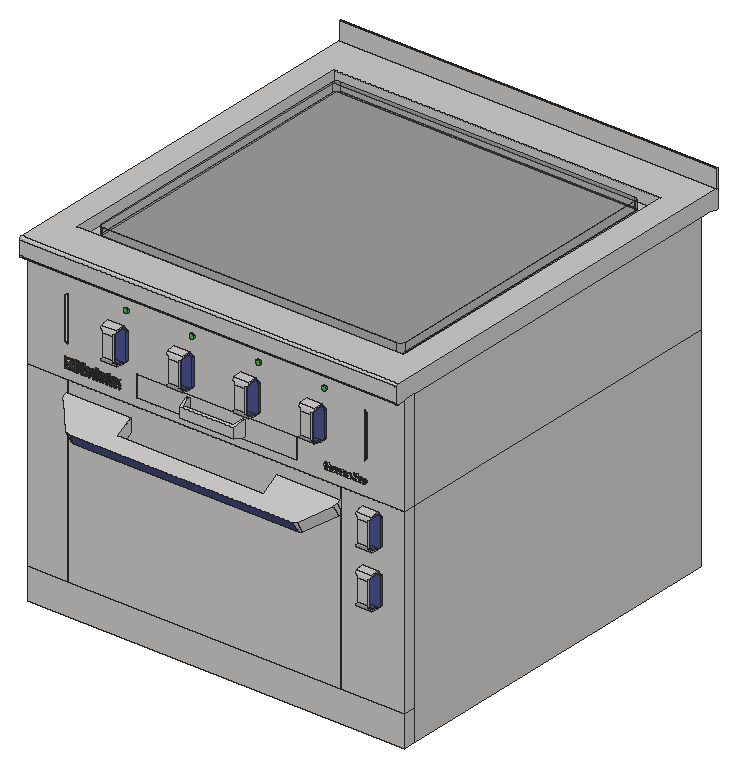
Revit family "QF_ELECTROLUXPROFESSIONAL_588696_MBTGGBH8AO", category Specialty Equipment, Revit 2023 (continued)
Definition of nested family "Front_Panel_W800_Four Knobs_Spie"
  Definition of nested family "ELX_Professional_Logo_Small"
    Forms (mm)
      Extrusion 2, solid, material <- "Material_Logo"
        sketch origin (15.5, 0, 0) x (1, 0, 0) y (0, 1, 0)
          loop
            spline (9.958, -1.631) -> (10.403, -1.602) -> (10.828, -1.517) -> (11.228, -1.38) -> (11.601, -1.193) -> (11.943, -0.962) -> (12.251, -0.689) -> (12.52, -0.377) -> (12.748, -0.031) -> (12.932, 0.347) -> (13.067, 0.753) -> (13.151, 1.182) -> (13.18, 1.633)
          loop
            line (17.162, 4.269) -> (17.162, -3.573) -> (19.642, -3.573) -> (19.642, 10.824) -> (17.162, 10.824) -> (17.162, 4.269)
          loop
            line (28.581, 6.838) -> (28.581, 0.786)
            spline (28.581, 0.786) -> (28.561, 0.393) -> (28.503, 0.038) -> (28.409, -0.279) -> (28.281, -0.559) -> (28.122, -0.802) -> (27.933, -1.011) -> (27.717, -1.185) -> (27.476, -1.325) -> (27.213, -1.433) -> (26.929, -1.509) -> (26.626, -1.554) -> (26.308, -1.569)
            spline (26.308, -1.569) -> (25.99, -1.554) -> (25.688, -1.509) -> (25.404, -1.434) -> (25.141, -1.326) -> (24.9, -1.187) -> (24.684, -1.014) -> (24.496, -0.807) -> (24.336, -0.565) -> (24.209, -0.288) -> (24.115, 0.026) -> (24.057, 0.376) -> (24.037, 0.765)
            line (24.037, 0.765) -> (24.037, 6.838) -> (21.537, 6.838) -> (21.537, 0.558)
            spline (21.537, 0.558) -> (21.581, -0.153) -> (21.71, -0.8) -> (21.916, -1.384) -> (22.195, -1.904) -> (22.54, -2.362) -> (22.944, -2.757) -> (23.403, -3.09) -> (23.909, -3.362) -> (24.456, -3.572) -> (25.04, -3.722) -> (25.652, -3.811) -> (26.288, -3.841)
            spline (26.288, -3.841) -> (26.929, -3.811) -> (27.547, -3.72) -> (28.135, -3.568) -> (28.687, -3.355) -> (29.197, -3.079) -> (29.66, -2.741) -> (30.068, -2.341) -> (30.415, -1.877) -> (30.696, -1.349) -> (30.905, -0.757) -> (31.034, -0.101) -> (31.079, 0.621)
            line (31.079, 0.621) -> (31.079, 6.838) -> (28.581, 6.838)
          loop
            line (40.457, -0.243) -> (38.894, 1.942) -> (40.83, 4.579) -> (42.488, 6.837) -> (39.782, 6.837) -> (37.53, 3.719) -> (35.258, 6.837) -> (32.573, 6.837) -> (34.113, 4.731) -> (36.167, 1.922) -> (34.014, -1.076) -> (32.222, -3.573) -> (34.887, -3.573) -> (37.53, 0.104) -> (40.174, -3.573) -> (42.839, -3.573) -> (40.457, -0.243)
          loop
            line (-46.121, -5.837) -> (-48.039, -5.837) -> (-48.039, -10.814) -> (-47.016, -10.814) -> (-47.016, -9.128) -> (-46.121, -9.128)
            arc (-46.121, -9.128) -> (-44.476, -7.482) -> (-46.121, -5.837) r 1.645
          loop
            line (-46.163, -6.778) -> (-47.016, -6.778) -> (-47.016, -8.187) -> (-46.163, -8.187)
            arc (-46.163, -8.187) -> (-45.458, -7.482) -> (-46.163, -6.778) r 0.704
          loop
            line (-38.313, -5.837) -> (-40.265, -5.837) -> (-40.265, -10.814) -> (-39.241, -10.814) -> (-39.241, -9.1) -> (-38.46, -9.182) -> (-37.48, -10.814) -> (-36.318, -10.814) -> (-37.513, -8.848)
            arc (-37.513, -8.848) -> (-36.888, -8.266) -> (-36.671, -7.441) r 1.536
            arc (-36.671, -7.441) -> (-37.165, -6.305) -> (-38.313, -5.837) r 1.643
          loop
            arc (-38.402, -8.166) -> (-37.707, -7.505) -> (-38.334, -6.778) r 0.696
            line (-38.334, -6.778) -> (-39.241, -6.778) -> (-39.241, -8.166) -> (-38.402, -8.166)
          loop
            circle (-29.965, -8.325) r 2.585
          loop
            circle (-29.965, -8.325) r 1.64
          loop
            line (-23.1, -5.837) -> (-23.1, -10.814) -> (-22.076, -10.814) -> (-22.076, -8.768) -> (-20.204, -8.768) -> (-20.204, -7.828) -> (-22.076, -7.828) -> (-22.076, -6.778) -> (-20.024, -6.778) -> (-20.024, -5.837) -> (-23.1, -5.837)
          loop
            line (-15.802, -5.837) -> (-15.802, -9.2)
            arc (-15.802, -9.2) -> (-15.343, -10.34) -> (-14.209, -10.814) r 1.593
            line (-14.209, -10.814) -> (-12.602, -10.814) -> (-12.602, -10.027) -> (-14.004, -10.027)
            arc (-14.004, -10.027) -> (-14.552, -9.8) -> (-14.779, -9.252) r 0.775
            line (-14.779, -9.252) -> (-14.779, -8.424) -> (-12.789, -8.424) -> (-12.789, -7.642) -> (-14.779, -7.642) -> (-14.779, -6.778) -> (-12.651, -6.778) -> (-12.651, -5.837) -> (-15.802, -5.837)
          loop
            line (-5.909, -7.143) -> (-5.173, -6.638)
            arc (-5.173, -6.638) -> (-5.855, -5.974) -> (-6.781, -5.755) r 1.782
            arc (-6.781, -5.755) -> (-7.397, -5.878) -> (-7.944, -6.189) r 1.974
            arc (-7.944, -6.189) -> (-8.202, -6.5) -> (-8.317, -6.888) r 1.013
            arc (-8.317, -6.888) -> (-8.306, -7.341) -> (-8.192, -7.78) r 1.985
            arc (-8.192, -7.78) -> (-7.749, -8.259) -> (-7.171, -8.563) r 1.928
            arc (-7.171, -8.563) -> (-6.637, -8.779) -> (-6.131, -9.056) r 5.041
            arc (-6.131, -9.056) -> (-5.934, -9.387) -> (-6.09, -9.74) r 0.42
            arc (-6.09, -9.74) -> (-6.631, -9.96) -> (-7.204, -9.845) r 1.016
            arc (-7.204, -9.845) -> (-7.625, -9.603) -> (-7.889, -9.196) r 1.033
            line (-7.889, -9.196) -> (-8.67, -9.686)
            arc (-8.67, -9.686) -> (-8.361, -10.198) -> (-7.908, -10.589) r 1.914
            arc (-7.908, -10.589) -> (-7.334, -10.834) -> (-6.714, -10.896) r 2.063
            arc (-6.714, -10.896) -> (-5.947, -10.743) -> (-5.256, -10.376) r 2.696
            arc (-5.256, -10.376) -> (-4.95, -9.565) -> (-5.108, -8.712) r 1.618
            arc (-5.108, -8.712) -> (-5.448, -8.319) -> (-5.884, -8.035) r 1.876
            arc (-5.884, -8.035) -> (-6.434, -7.789) -> (-6.999, -7.577) r 9.883
            arc (-6.999, -7.577) -> (-7.325, -7.07) -> (-6.854, -6.694) r 0.45
            arc (-6.854, -6.694) -> (-6.329, -6.809) -> (-5.909, -7.143) r 1.197
          loop
            line (1.61, -7.143) -> (2.345, -6.638)
            arc (2.345, -6.638) -> (1.663, -5.974) -> (0.737, -5.755) r 1.782
            arc (0.737, -5.755) -> (0.121, -5.878) -> (-0.425, -6.189) r 1.974
            arc (-0.425, -6.189) -> (-0.683, -6.5) -> (-0.799, -6.888) r 1.013
            arc (-0.799, -6.888) -> (-0.788, -7.341) -> (-0.674, -7.78) r 1.985
            arc (-0.674, -7.78) -> (-0.231, -8.259) -> (0.347, -8.563) r 1.928
            arc (0.347, -8.563) -> (0.881, -8.779) -> (1.387, -9.056) r 5.041
            arc (1.387, -9.056) -> (1.584, -9.387) -> (1.428, -9.74) r 0.42
            arc (1.428, -9.74) -> (0.887, -9.96) -> (0.314, -9.845) r 1.016
            arc (0.314, -9.845) -> (-0.107, -9.603) -> (-0.371, -9.196) r 1.033
            line (-0.371, -9.196) -> (-1.152, -9.686)
            arc (-1.152, -9.686) -> (-0.842, -10.198) -> (-0.39, -10.589) r 1.914
            arc (-0.39, -10.589) -> (0.184, -10.834) -> (0.804, -10.896) r 2.063
            arc (0.804, -10.896) -> (1.572, -10.743) -> (2.263, -10.376) r 2.696
            arc (2.263, -10.376) -> (2.568, -9.565) -> (2.411, -8.712) r 1.618
            arc (2.411, -8.712) -> (2.07, -8.319) -> (1.635, -8.035) r 1.876
            arc (1.635, -8.035) -> (1.084, -7.789) -> (0.519, -7.577) r 9.883
            arc (0.519, -7.577) -> (0.193, -7.07) -> (0.665, -6.694) r 0.45
            arc (0.665, -6.694) -> (1.189, -6.809) -> (1.61, -7.143) r 1.197
          loop
            line (6.801, -5.837) -> (6.801, -10.814) -> (7.825, -10.814) -> (7.825, -5.837) -> (6.801, -5.837)
          loop
            circle (14.724, -8.325) r 1.548
          loop
            circle (14.724, -8.325) r 2.585
          loop
            line (21.59, -10.814) -> (22.623, -10.814) -> (22.623, -7.685) -> (24.9, -10.814) -> (25.895, -10.814) -> (25.895, -5.837) -> (24.861, -5.837) -> (24.861, -9.061) -> (22.585, -5.837) -> (21.59, -5.837) -> (21.59, -10.814)
          loop
            line (31.054, -10.814) -> (31.539, -9.74) -> (33.38, -9.74) -> (33.865, -10.814) -> (34.965, -10.814) -> (32.46, -5.837) -> (29.956, -10.814) -> (31.054, -10.814)
          loop
            line (32.46, -7.698) -> (31.999, -8.719) -> (32.921, -8.719) -> (32.46, -7.698)
          loop
            line (40.047, -9.873) -> (40.047, -5.837) -> (39.024, -5.837) -> (39.024, -10.814) -> (41.961, -10.814) -> (41.961, -9.873) -> (40.047, -9.873)
          loop
            line (-74.986, -10.814) -> (-53.322, -10.814) -> (-53.322, 10.82) -> (-74.986, 10.82) -> (-74.986, -10.814)
          loop
            line (-61.261, 9.758) -> (-61.261, -9.707)
            arc (-61.261, -9.707) -> (-54.066, 0.025) -> (-61.261, 9.758) r 10.18
          loop
            line (-62.251, 8.349) -> (-62.251, 9.758)
            arc (-62.251, 9.758) -> (-70.347, 7.918) -> (-74.247, 0.59) r 9.976
            line (-74.247, 0.59) -> (-71.026, 0.59)
            arc (-71.026, 0.59) -> (-65.274, 2.925) -> (-62.251, 8.349) r 9.351
          loop
            arc (-74.247, -0.539) -> (-70.353, -7.928) -> (-62.251, -9.957) r 10.237
            line (-62.251, -9.957) -> (-62.251, -8.298)
            arc (-62.251, -8.298) -> (-65.274, -2.874) -> (-71.026, -0.539) r 9.351
            line (-71.026, -0.539) -> (-74.247, -0.539)
        from 0 to 1.644
    Dimensions and locks
      aligned and locked: plane 2 to Extrusion 1
      aligned and locked: level to Extrusion 1
